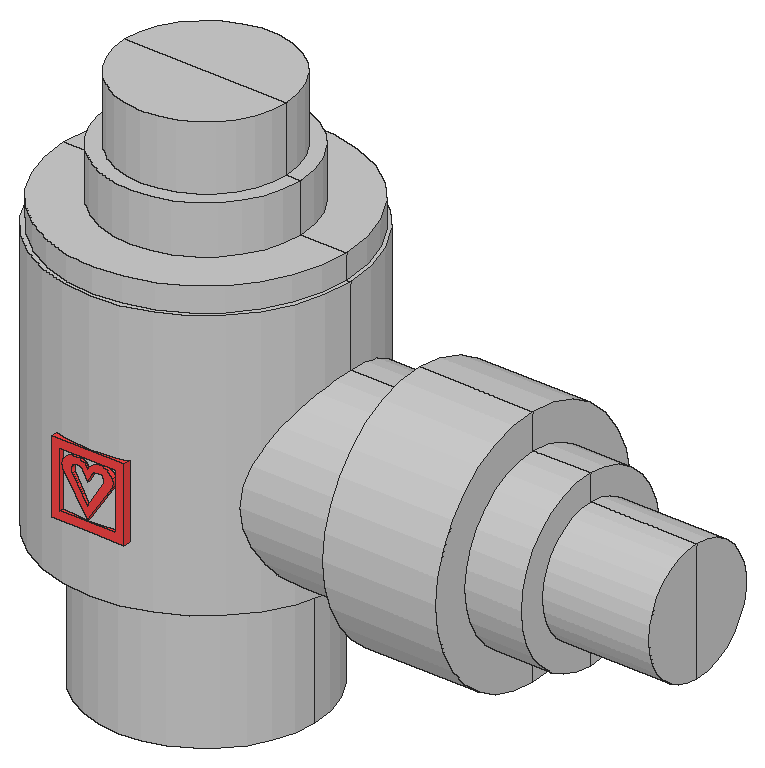
Revit family "RL-1-E Rücklaufventil Eck 3724", category Rohrzubehör, Revit 2021
Family settings
  Bemaßung runder Anschluss = Durchmesser verwenden
  Teiletyp = Unterbricht
  OmniClass-Nummer = 23.65.55.14
  OmniClass-Titel = Valves for Liquid Services
  Arbeitsebenenbasiert = Nein
  Immer vertikal = Nein
  Beim Laden mit Abzugskörper schneiden = Nein
  Gemeinsam genutzt = Nein
Parameters
  W01 = 120.00°  # constant formula
  Vorgabe-Ansicht = 0.000 mm
  URL = "www.herz-armaturen.at"
  SCRNSEQ = "ARM;ARM_TYP=\"ALLF\";2"
  SCRNCODE = "05;01;02"  # constant formula
  S04 = 45.000 mm  # constant formula
  S03 [instance] = H02 - 5.000 mm + 41.000 mm  # 57.500 mm
  S02 [instance] = L04 + L03 - L02  # 26.800 mm
  S01 = 10.000 mm  # constant formula
  R04 = 10.000 mm  # constant formula
  R03 = 11.750 mm  # constant formula
  R02 = 17.500 mm  # constant formula
  Nennweite [instance] = 15.000 mm
  Medium = "Heizwasserqualität entsprechend ÖNORM H 5195 bzw. VDI-Richtllinie 2035."
  Max.Betriebstemperatur = 120 °C  # constant formula
  Max.Betriebsdruck = 1000000.0 Pa  # constant formula
  LO1 [instance] = R01 - 0.500 mm  # 17.500 mm
  L05 = 19.500 mm  # constant formula
  L04 [instance] = size_lookup("3724_1E_", "L4", 1.000 mm, Nennweite)  # 20.300 mm
  L03 [instance] = size_lookup("3724_1E_", "L3", 1.000 mm, Nennweite)  # 14.000 mm
  L02 [instance] = size_lookup("3724_1E_", "L2", 1.000 mm, Nennweite)  # 7.500 mm
  L01 [instance] = size_lookup("3724_1E_", "L1", 1.000 mm, Nennweite)  # 34.000 mm
  Hersteller = "HERZ Armaturen Ges.m.b.H."  # constant formula
  H06 = 14.000 mm  # constant formula
  H05 = 8.000 mm  # constant formula
  H04 = 17.000 mm  # constant formula
  H03 [instance] = H01 - D03  # 17.250 mm
  H02 [instance] = size_lookup("3724_1E_", "H2", 1.000 mm, Nennweite) - 5.000 mm  # 21.500 mm
  H01 [instance] = size_lookup("3724_1E_", "H1", 1.000 mm, Nennweite)  # 29.000 mm
  Gehäuse = "vernickeltes Messing"  # constant formula
  GT1 [instance] = size_lookup("3724_1E_", "GT1", 1.000 mm, Nennweite)  # 13.200 mm
  GT [instance] = size_lookup("3724_1E_", "GT", 1.000 mm, Nennweite)  # 12.300 mm
  G2 [instance] = Nennweite / 2  # 7.500 mm
  G1 [instance] = Nennweite / 2  # 7.500 mm
  R01 = 18.000 mm  # constant formula
  D05 [instance] = size_lookup("3724_1E_", "D5", 1.000 mm, Nennweite)  # 10.650 mm
  D04 [instance] = size_lookup("3724_1E_", "D4", 1.000 mm, Nennweite)  # 15.000 mm
  D03 [instance] = size_lookup("3724_1E_", "D3", 1.000 mm, Nennweite)  # 11.750 mm
  D02 [instance] = size_lookup("3724_1E_", "D2", 1.000 mm, Nennweite)  # 9.525 mm
  D01 [instance] = size_lookup("3724_1E_", "D1", 1.000 mm, Nennweite)  # 13.500 mm
  Bestellnummer [instance] = size_lookup("3724_1E_", "Artnr", 0, Nennweite)  # 1372401
  Ausführungen = "Standardmodelle mit Gewindemuffen in vernickelter Ausführung"
  Anwendungsgebiet = "Wasserheizungsanlagen.\r\nDurch den Einbau des Rücklaufventils ist der Heizkörper-Rücklaufanschluß absperrbar. Dadurch kann bei\r\ngleichzeitiger Absperrung des Vorlaufventils der Heizkörper bei unter Druck stehender Anlage demontiert werden."
Reference planes
  plane 1 "Mitte (Vorne/hinten)": y = 0
  plane 2: z = 0
  plane 3 "Mitte (Links/rechts)": x = 0
Forms (mm)
  Revolve 1, solid, material "Messing, weicher Gelbton, geschweißt", detail levels fine
    sketch origin (0, 0, 0) x (1, 0, 0) y (0, 0, 1)
      loop
        line (0, 21.5) -> (-18, 21.5) -> (-18, -11.75) -> (-13.5, -11.75) -> (-13.5, -29) -> (-7.5, -29) -> (-7.5, -16.7) -> (0, -16.7) -> (0, 21.5)
      axis (0, 21.5) -> (0, -29)
    angle from 0 to 360
  Revolve 2, solid, material "Messing, weicher Gelbton, geschweißt", detail levels fine
    sketch origin (0, 0, 0) x (1, 0, 0) y (0, 0, 1)
      loop
        line (34, 0) -> (34, 9.525) -> (26.5, 9.525) -> (26.5, 11.75) -> (0, 11.75) -> (0, 0) -> (34, 0)
      axis (0, 0) -> (34, 0)
    angle from 0 to 360
  Revolve 3, solid, material "Messing, weicher Gelbton, geschweißt", detail levels fine
    sketch origin (-1, 0, 0) x (1, 0, 0) y (0, 0, 1)
      loop
        line (35, 0) -> (61.8, 0) -> (61.8, 7.5) -> (48.6, 7.5) -> (48.6, 10.65) -> (41.5, 10.65) -> (41.5, 15) -> (27.5, 15) -> (27.5, 9.525) -> (35, 9.525) -> (35, 0)
      axis (27.5, 0) -> (61.8, 0)
    angle from 0 to 360
  Revolve 4, solid, material "Messing, weicher Gelbton, geschweißt", detail levels fine
    sketch origin (0, 0, 0) x (1, 0, 0) y (0, 0, 1)
      loop
        line (0, 21.5) -> (0, 38.5) -> (-10, 38.5) -> (-10, 30.5) -> (-11.75, 30.5) -> (-11.75, 24.5) -> (-17.5, 24.5) -> (-17.5, 21.5) -> (0, 21.5)
      axis (0, 38.5) -> (0, 21.5)
    angle from 0 to 360
Lines and regions (mm)
  model lines, detail levels coarse+medium
    curve 1: line (0, 0, 0) -> (13.5, 0, -29)
    curve 2: line (13.5, 0, -29) -> (-13.5, 0, -29)
    curve 3: line (-13.5, 0, -29) -> (0, 0, 0)
    curve 4: line (0, 0, 0) -> (34, 0, 15)
    curve 5: line (34, 0, 15) -> (34, 0, -15)
    curve 6: line (34, 0, -15) -> (0, 0, 0)
    curve 7: line (34, 0, 15) -> (44, 0, 15)
    curve 8: line (44, 0, 15) -> (34, 0, 0)
    curve 9: line (34, 0, -15) -> (44, 0, -15)
    curve 10: line (44, 0, -15) -> (34, 0, 0)
    curve 11: line (34, 0, 0) -> (60.8, 0, 0)
    curve 12: line (0, 0, 0) -> (13.5, -29, 0)
    curve 13: line (13.5, -29, 0) -> (-13.5, -29, 0)
    curve 14: line (-13.5, -29, 0) -> (0, 0, 0)
    curve 15: line (0, 0, 0) -> (34, 15, 0)
    curve 16: line (34, 15, 0) -> (34, -15, 0)
    curve 17: line (34, -15, 0) -> (0, 0, 0)
    curve 18: line (34, 15, 0) -> (44, 15, 0)
    curve 19: line (44, 15, 0) -> (34, 0, 0)
    curve 20: line (34, -15, 0) -> (44, -15, 0)
    curve 21: line (34, 0, 0) -> (44, -15, 0)
Dimensions and locks
  "H02": Revolve 1 sketch curve to plane 2
  "H01": plane 2 to Revolve 1 sketch curve
  "R01": Revolve 1 sketch curve to Revolve 1 sketch curve
  "G1": Revolve 1 sketch curve to Revolve 1 sketch curve
  "D01": Revolve 1 sketch curve to Revolve 1 sketch curve
  "GT": Revolve 1 sketch curve to Revolve 1 sketch curve
  "H03": Revolve 1 sketch curve to Revolve 1 sketch curve
  "L02": Revolve 2 sketch curve to Revolve 2 sketch curve
  "LO1": nested 1 to plane 1 "Mitte (Vorne/hinten)"
  "L02": Revolve 3 sketch curve to Revolve 3 sketch curve
  "L03": Revolve 3 sketch curve to Revolve 3 sketch curve
  "L04": Revolve 3 sketch curve to Revolve 3 sketch curve
  "D04": Revolve 3 sketch curve to Revolve 3 sketch curve
  "G2": Revolve 3 sketch curve to Revolve 3 sketch curve
  "D05": Revolve 3 sketch curve to Revolve 3 sketch curve
  "GT1": Revolve 3 sketch curve to Revolve 3 sketch curve
  "L01": plane 3 "Mitte (Links/rechts)" to Revolve 3 sketch curve
  "D02": Revolve 3 sketch curve to plane 2
  "H01": plane 2 to curve 2
  "L01": curve 5 to plane 3 "Mitte (Links/rechts)"
  "D01": curve 2 to plane 3 "Mitte (Links/rechts)" to curve 3
  "D04": curve 5 to plane 2 to curve 6
  "S01": curve 5 to curve 8
  "S01": curve 5 to curve 10
  "S02": curve 11 to curve 11
  "H01": curve 13 to plane 1 "Mitte (Vorne/hinten)"
  "D01": curve 14 to plane 3 "Mitte (Links/rechts)" to curve 13
  "L01": plane 3 "Mitte (Links/rechts)" to curve 16
  "D04": curve 17 to plane 1 "Mitte (Vorne/hinten)" to curve 16
  "S01": curve 16 to curve 19
  "S01": curve 16 to curve 21
  "L01": Revolve 2 sketch curve to plane 3 "Mitte (Links/rechts)"
  "D03": Revolve 2 sketch curve to plane 2
  "D02": Revolve 2 sketch curve to plane 2
  "H02": Revolve 4 sketch curve to plane 2
  "H04": Revolve 4 sketch curve to Revolve 4 sketch curve
  "H05": Revolve 4 sketch curve to Revolve 4 sketch curve
  "H06": Revolve 4 sketch curve to Revolve 4 sketch curve
  "R04": Revolve 4 sketch curve to Revolve 4 sketch curve
  "R03": Revolve 4 sketch curve to Revolve 4 sketch curve
  "R02": Revolve 4 sketch curve to Revolve 4 sketch curve
  aligned and locked: level to plane 2
Automatic sketch dimensions
  curve 4 to level = 0.000 mm
  curve 4 to plane 3 "Mitte (Links/rechts)" = 0.000 mm
  curve 11 to level = 0.000 mm
  curve 8 to level = 0.000 mm
  plane 1 "Mitte (Vorne/hinten)" to curve 14 = 0.000 mm
  curve 14 to plane 3 "Mitte (Links/rechts)" = 0.000 mm
  plane 1 "Mitte (Vorne/hinten)" to curve 19 = 0.000 mm
  Revolve 1 sketch curve to plane 3 "Mitte (Links/rechts)" = 0.000 mm  (x2)
  Revolve 1 sketch curve to Revolve 1 sketch curve = 345.545 mm
  Revolve 1 sketch curve to Revolve 1 sketch curve = 2189.815 mm
  Revolve 2 sketch curve to level = 0.000 mm  (x2)
  Revolve 2 sketch curve to plane 3 "Mitte (Links/rechts)" = 0.000 mm
  Revolve 2 sketch curve to plane 3 "Mitte (Links/rechts)" = 1506.530 mm
  Revolve 2 sketch curve to Revolve 2 sketch curve = 1815.148 mm
  Revolve 3 sketch curve to level = 0.000 mm  (x2)
  Revolve 3 sketch curve to plane 3 "Mitte (Links/rechts)" = 1507.530 mm
  Revolve 3 sketch curve to Revolve 3 sketch curve = 1789.648 mm
  Revolve 4 sketch curve to plane 3 "Mitte (Links/rechts)" = 0.000 mm  (x2)
  Revolve 4 sketch curve to level = 366.045 mm
  Revolve 4 sketch curve to Revolve 4 sketch curve = 2164.815 mm
Nested families
  nested 1: "Herz-Logo-vorne" at (0, -17.5, 0) x (0, -1, 0) z (0, 0, 1), type "Herz-Logo-vorne", detail levels fine
Connectors
  piping at (0, 0, -16.7), diameter 15, driven by "Nennweite"
    settings: on Revolve 1, index 1, connector inside diameter 609.6 mm, connector length 0.000 mm, flow factor 0, pipe flow 0.0 L/s, pressure drop 0.0 Pa, fitting loss kfactor 0, connector angle 0.00°, fixture units 0, engagement length 0.000 mm, angle of deflection 0.00°, flow configuration 0, flow direction 1, fitting loss method 0, system type 8, joint type 0, gender type 0, connector reference index -1, connector utility 0, adjustable connector no, is connector primary yes, connector description ""
  piping at (60.8, 0, 0), diameter 15, driven by "Nennweite"
    settings: on Revolve 3, index 2, connector inside diameter 609.6 mm, connector length 0.000 mm, flow factor 0, pipe flow 0.0 L/s, pressure drop 0.0 Pa, fitting loss kfactor 0, connector angle 0.00°, fixture units 0, engagement length 0.000 mm, angle of deflection 0.00°, flow configuration 0, flow direction 2, fitting loss method 0, system type 8, joint type 0, gender type 0, connector reference index -1, connector utility 0, adjustable connector no, is connector primary no, connector description ""
Definition of nested family "Herz-Logo-vorne"
  Parameters (values of type "Herz-Logo-vorne")
    Default Elevation = 0.000 mm
  Reference planes
    plane 1 "Mitte (Vorne/hinten)": y = 0
    plane 2: z = 0
    plane 3 "Mitte (Links/rechts)": x = 0
  Forms (mm)
    Extrusion 1, solid
      sketch origin (0.732, -0.018, 0.017) x (0, -1, 0) y (0, 0, 1)
        loop
          line (-0.018, -4.517) -> (4.482, -4.517) -> (4.482, 4.483) -> (-4.518, 4.483) -> (-4.518, -4.517) -> (-0.018, -4.517)
        loop
          line (-0.05, -3.48) -> (3.482, -3.48) -> (3.482, 3.483) -> (-3.518, 3.483) -> (-3.518, -3.48) -> (-0.05, -3.48)
        loop
          arc (-0.018, 2.383) -> (-1.543, 3.287) -> (-3.067, 2.383) r 1.738
          arc (-3.067, 2.383) -> (-3.191, 1.899) -> (-3.067, 1.415) r 1.009
          line (-3.067, 1.415) -> (-0.018, -3.281) -> (3.032, 1.415)
          arc (3.032, 1.415) -> (3.156, 1.899) -> (3.032, 2.383) r 1.009
          arc (3.032, 2.383) -> (1.507, 3.287) -> (-0.018, 2.383) r 1.738
        loop
          arc (1.885, 1.272) -> (2.005, 1.675) -> (1.885, 2.079) r 0.74
          arc (1.885, 2.079) -> (1.265, 2.416) -> (0.644, 2.079) r 0.74
          line (0.644, 2.079) -> (-0.018, 0.97) -> (-0.679, 2.079)
          arc (-0.679, 2.079) -> (-1.3, 2.416) -> (-1.921, 2.079) r 0.74
          arc (-1.921, 2.079) -> (-2.04, 1.675) -> (-1.921, 1.272) r 0.74
          line (-1.921, 1.272) -> (-0.018, -1.658) -> (1.885, 1.272)
      from 0 to 1.5
  Dimensions and locks
    aligned and locked: level to plane 2
